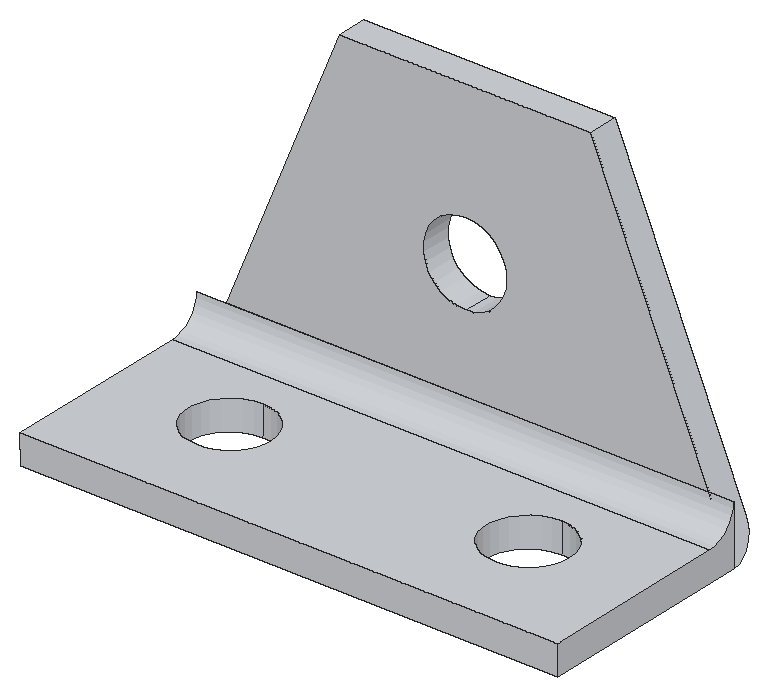
Revit family "MP18", category Generic Models, Revit 2017
Family settings
  Can host rebar = No
  Round Connector Dimension = Use Diameter
  Part Type = Normal
  Work Plane-Based = Yes
  Always vertical = No
  Cut with Voids When Loaded = No
  Shared = No
  Room Calculation Point = No
Parameters (values of type "NBS Standard Parameters")
  Weight = "0.284Kg"
  WarrantyStartDate [instance] = "1900-12-31T23:59:59"
  WarrantyGuarantorParts = "n/a"
  WarrantyGuarantorLabor = "n/a"
  WarrantyDurationUnit = "1 year"
  WarrantyDurationParts = "n/a"
  WarrantyDurationLabor = "n/a"
  WarrantyDescription = "n/a"
  Version = "1"
  Uniclass2 = "Pr_65_70_11_19"
  TagNumber [instance] = "n/a"
  SustainabilityPerformance = "n/a"
  Size = "90 Degree"
  Shape = "Angle"
  SerialNumber [instance] = "n/a"
  Revision = "n/a"
  ReplacementCost = "n/a"
  ProductInformation = "www.metpro.co.uk/pdf/mp18.pdf"
  NominalWidth = 42 mm
  NominalLength = 90 mm
  NominalHeight = 57 mm
  Name = ""
  NBSTypeID = ""
  NBSReference = "90-55-10/305"
  NBSOfficeMasterTag = ""
  NBSNote = ""
  NBSDescription = "Channel Cable Supports"
  NBSCertification = ""
  ModelReference = "MP18"
  ModelNumber = "n/a"
  Material = "Steel"
  ManufacturerURL = "www.metpro.co.uk"
  ManufacturerName = "Metpro Ltd"
  Keynote = "Compliant to LU Standards 1-085"
  InstallationDate [instance] = "1900-12-31T23:59:59"
  IfcExportType = ""
  IfcExportAs = ""
  Grade = "n/a"
  Finish = "Hot Dipped Galvanised"
  Features = "n/a"
  ExpectedLife = "n/a"
  DurationUnit = "year"
  Description = "MP18 - 3 Hole 90 Degree Bracket"
  Default Elevation = 1219.2 mm
  Constituents = "n/a"
  Color = "n/a"
  CodePerformance = "n/a"
  Category = "n/a"
  BarCode [instance] = "n/a"
  BIMObjectName = "Metpro_metprolibrary_channelcablesupports_channelbracket"
  Author = "Metpro Ltd"
  AssetType = ""
  AssetIdentifier [instance] = "n/a"
  AccessibilityPerformance = "n/a"
Reference planes
  plane 1 "Center (Front/Back)": y = 0
  plane 2: z = 0
  plane 3 "Center (Left/Right)": x = 0
Forms (mm)
  Extrusion 1, solid
    sketch origin (-8.245, 91.103, -30.103) x (0, 1, 0) y (0, 0, 1)
      loop
        line (0, 58.365) -> (0, 10)
        arc (0, 10) -> (-1.464, 6.464) -> (-5, 5) r 5
        line (-5, 5) -> (-37, 5) -> (-37, 0) -> (0, 0)
        arc (0, 0) -> (3.536, 1.464) -> (5, 5) r 5
        line (5, 5) -> (5, 58.365) -> (0, 58.365)
    from -45 to 45
  Extrusion 2, void
    sketch origin (-8.245, 96.103, 368.244) x (0, 0, 1) y (-1, 0, 0)
      loop
        line (-341.347, -21) -> (-398.347, -45) -> (-335.656, -45) -> (-335.656, 45) -> (-400.832, 45) -> (-341.347, 21) -> (-341.347, -21)
    from 0 to 5
  Extrusion 3, void
    sketch origin (-8.245, 61.103, -25.103) x (-1, 0, 0) y (0, 1, 0)
      loop
        circle (-25, 11.875) r 7
      loop
        circle (25, 11.875) r 7
    from 0 to 5
  Extrusion 4, void
    sketch origin (-8.245, 91.103, 193.244) x (0, 0, -1) y (-1, 0, 0)
      loop
        circle (193.347, 0) r 7
    from 0 to 5
Cuts and joins
  Extrusion 2, Extrusion 3, Extrusion 4 cuts Extrusion 1
Dimensions and locks
  aligned and locked: level to plane 2
  aligned and locked: Extrusion 3 to Extrusion 1
  aligned and locked: Extrusion 2 to Extrusion 1
